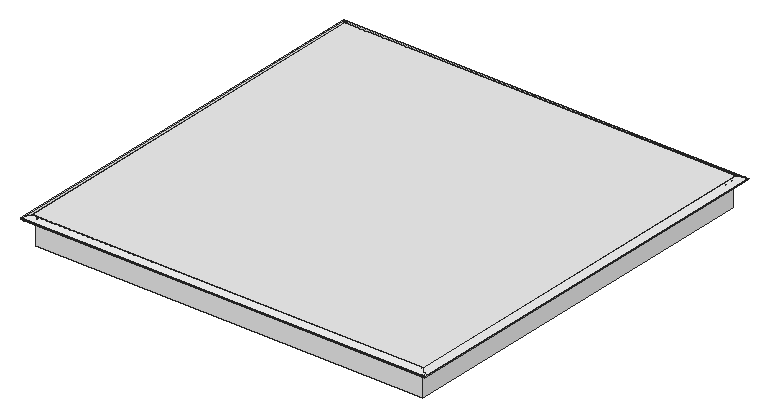
Revit family "Access_Door-Hidden_Flange-Best Access Doors-Removable-BA-RHF", category Specialty Equipment, host Face, Revit 2017
Family settings
  Host = Face
  Round Connector Dimension = Use Diameter
  Part Type = Normal
  OmniClass Number = 23.30.10.27.17
  Cut with Voids When Loaded = No
  Shared = No
  Room Calculation Point = No
Parameters (values of type "Custom")
  Width Actual = Frame Width Calc  # 24"
  URL = "https://www.bestaccessdoors.com/"
  Product data url = "https://bimobject.com/best-access-doors/product/removable-access-panel-with-hidden-flange-drywall"
  Product Page URL = ""
  Product Documentation Link = ""
  Model = "BA-RHF"  # constant formula
  Material = ""
  Manufacturer = "Best Access Doors"  # constant formula
  Height Actual = Frame Height Calc  # 24"
  Frame Depth = 1 59/128"  # constant formula
  Finish = Metal - Best Access Doors - Powder Coated White
  Frame Width Calc = if(Door Width < 6", 6", if(Door Width > 48", 48", Door Width))  # 24"
  Door Width = 24"
  Frame Height Calc = if(Door Height < 6", 6", if(Door Height > 48", 48", Door Height))  # 24"
  Door Open [instance] = no
  Door Height = 24"
  Door Closed [instance] = not(Door Open)  # yes
  Description = "Removable aesthetic access door with hidden flange"  # constant formula
  Default Elevation = 0"
  Cut Out Length [instance] = 3"
  Construction Material = Metal - Best Access Doors - Aluminum
  C Cut Out Length [instance] = if(Cut Out Length < Frame Depth, Frame Depth, Cut Out Length)  # 3"
  Available Options = ""
  Assembly Code = "C1020700"
Types (5): name | Width Actual | Height Actual | Frame Width Calc | Door Width | Frame Height Calc | Door Height
  Custom | 24" | 24" | 24" | 24" | 24" | 24"
  8 x 8 | 8" | 8" | 8" | 8" | 8" | 8"
  12 x 12 | 12" | 12" | 12" | 12" | 12" | 12"
  16 x 16 | 16" | 16" | 16" | 16" | 16" | 16"
  24 x 24 | 24" | 24" | 24" | 24" | 24" | 24"
Reference planes (in)
  plane 1 "Center (Front/Back)": y = 0
  plane 2: z = 0
  plane 3 "Center (Left/Right)": x = 6
  plane 4: x = -6
  plane 5: x = 18
  plane 6: y = 12
  plane 7: y = -12
  plane 8: z = -3
  plane 9: z = -1.46094
  plane 10: x = -5.5625
  plane 11: x = 17.5625
  plane 12: y = 11.5625
  plane 13: y = -11.5625
Forms (in)
  Extrusion 1, void
    sketch origin (0, 0, 0) x (1, 0, 0) y (0, 1, 0)
      loop
        line (-5.5625, 11.5625) -> (-5.5625, -11.5625) -> (17.5625, -11.5625) -> (17.5625, 11.5625) -> (-5.5625, 11.5625)
    from -3 to 0
Lines and regions (in)
  symbolic lines, detail levels coarse+medium
    curve 1: line (-5.5625, 11.5625, 0) -> (17.5625, 11.5625, 0)
    curve 2: line (-5.5625, -11.5625, 0) -> (-5.5625, 11.5625, 0)
    curve 3: line (17.5625, -11.5625, 0) -> (-5.5625, -11.5625, 0)
    curve 4: line (17.5625, 11.5625, 0) -> (17.5625, -11.5625, 0)
Dimensions and locks (in)
  equal spacing: plane 4, plane 3 "Center (Left/Right)", plane 5
  "Frame Width Calc": plane 4 to plane 5
  equal spacing: plane 6, plane 1 "Center (Front/Back)", plane 7
  "Frame Height Calc": plane 6 to plane 7
  "C Cut Out Length": plane 2 to plane 8
  "Frame Depth": level to plane 9
  locked: plane 4 to plane 10 at 0.4375
  locked: plane 11 to plane 5 at 0.4375
  locked: plane 6 to plane 12 at 0.4375
  locked: plane 7 to plane 13 at 0.4375
  aligned and locked: plane 2 to host face
  aligned and locked: level to host face
  aligned and locked: plane 1 "Center (Front/Back)" to nested 1
  aligned and locked: plane 3 "Center (Left/Right)" to nested 1
  aligned and locked: Extrusion 1 sketch curve to plane 11
  aligned and locked: plane 12 to Extrusion 1 sketch curve
  aligned and locked: Extrusion 1 sketch curve to plane 10
  aligned and locked: Extrusion 1 sketch curve to plane 13
  aligned and locked: plane 8 to Extrusion 1
  aligned and locked: plane 2 to Extrusion 1
  aligned and locked: plane 10 to Extrusion 1
  aligned and locked: plane 11 to Extrusion 1
  aligned and locked: Extrusion 1 to plane 12
  aligned and locked: plane 13 to Extrusion 1
  aligned and locked: curve 2 to plane 10
  aligned and locked: curve 3 to plane 13
  aligned and locked: curve 4 to plane 11
  aligned and locked: plane 12 to curve 1
  aligned and locked: plane 4 to nested 3
  aligned and locked: nested 3 to plane 2
  aligned and locked: nested 2 to plane 2
  aligned and locked: nested 2 to plane 3 "Center (Left/Right)"
  aligned and locked: plane 1 "Center (Front/Back)" to nested 3
  aligned and locked: plane 1 "Center (Front/Back)" to nested 2
Automatic sketch dimensions
  host sketch curve to host sketch curve = 76.59952"
  host sketch curve to host sketch curve = 76.44338"
Nested families (in)
  nested 1: "1-Frame_Base" at (6, 0, 0), type "1-Frame_Base"
  nested 2: "1-Door_Base" at (0.90603, 0, 0), visible <- "Door Closed", type "1-Door_Base"
  nested 3: "1-Door_Base" at (-6, 0, 6.90603) x (0, 0, 1) z (-1, 0, 0), visible <- "Door Open", type "1-Door_Base"
Definition of nested family "1-Frame_Base"
  Parameters
    Lock Configuration Offset Vertical = if(Door Height < 30", 5 1/8", if(Door Height < 36", 6 1/2", if(Door Height < 48", 8 9/16", 12 7/8")))  # 5 1/8"
    Lock Configuration Offset Horizontal = if(Door Width < 30", 5 1/8", if(Door Width < 36", 6 1/2", if(Door Width < 48", 8 9/16", 12 7/8")))  # 5 1/8"
    Lock 4 = if(Door Height > 24", 1 = 1, 1 = 0)  # no
    Lock 3 = if(Door Width > 24", 1 = 1, 1 = 0)  # no
    Lock 2 = if(and(Door Width > 16", or(not(Door Width > 24"), not(Door Width < 36"))), 1 = 1, 1 = 0)  # yes
    Lock 1 = if(or(not(Door Height > 24"), not(Door Height < 36")), 1 = 1, 1 = 0)  # yes
    Frame Width = 24"
    Frame Height = 24"
    Finish = none
    Door Width = Frame Width - 7/8"  # 23 1/8"
    Door Height = Frame Height - 7/8"  # 23 1/8"
    Assembly Code = ""
  Reference planes (in)
    plane 1 "Center (Front/Back)": y = 0
    plane 2: z = 0
    plane 3 "Center (Left/Right)": x = 0
    plane 4: x = -12
    plane 5: x = 12
    plane 6: y = 12
    plane 7: y = -12
    plane 8: y = -9.42199
    plane 9: y = -11.42199
    plane 10: y = 9.42199
    plane 11: y = 11.42199
    plane 12: z = 0.06201
    plane 13: z = -1.45999
    plane 14: y = 11.5625
    plane 15: y = -11.5625
    plane 16: y = 6.4375
    plane 17: y = -6.4375
    plane 18: x = 11.5625
    plane 19: x = 6.4375
    plane 20: x = -11.5625
    plane 21: x = -6.4375
    plane 22: y = 0.7207
    plane 23: y = -0.7207
    plane 24: y = 7.1582
    plane 25: y = 5.7168
    plane 26: y = -5.7168
    plane 27: y = -7.1582
  Forms (in)
    Extrusion 1, solid, material <- "Finish", detail levels fine
      sketch origin (0, 0, 0) x (1, 0, 0) y (0, 1, 0)
        loop
          arc (-11.75, 12) -> (-11.92678, 11.92678) -> (-12, 11.75) r 0.25
          line (-12, 11.75) -> (-12, -11.75001)
          arc (-12, -11.75001) -> (-11.92678, -11.92678) -> (-11.75001, -12) r 0.24999
          line (-11.75001, -12) -> (11.75001, -12)
          arc (11.75001, -12) -> (11.92678, -11.92678) -> (12, -11.75001) r 0.24999
          line (12, -11.75001) -> (12, 11.75002)
          arc (12, 11.75002) -> (11.92678, 11.92678) -> (11.75002, 12) r 0.24998
          line (11.75002, 12) -> (-11.75, 12)
        loop
          line (-11.51644, -11.516) -> (11.51644, -11.516) -> (11.51644, 11.516) -> (-11.51644, 11.516) -> (-11.51644, -11.516)
      from 0 to 0.06201
    Sweep 2, solid, material <- "Finish", visible <- "Lock 1", detail levels fine
      path origin (0, 0, 0) x (1, 0, 0) y (0, 1, 0)
        loop
          line (-11.51644, -11.516) -> (11.51644, -11.516) -> (11.51644, 11.516) -> (-11.51644, 11.516) -> (-11.51644, -11.516)
      profile origin (-11.51644, 0, 0) x (-1, 0, 0) y (0, 0, 1)
        loop
          line (0, 0) -> (0, 0.06245)
          arc (0, 0.06245) -> (-0.06678, 0.03478) -> (-0.09445, -0.032) r 0.09445
          line (-0.09445, -0.032) -> (-0.09445, -1.45999) -> (-0.032, -1.45999) -> (-0.032, -0.032)
          arc (-0.032, -0.032) -> (-0.02263, -0.00937) -> (0, 0) r 0.032
    Extrusion 3, solid, material <- "Finish", visible <- "Lock 1", detail levels fine
      sketch origin (0, 0, 0) x (1, 0, 0) y (0, 0, 1)
        loop
          line (-11.42243, -0.16299) -> (-11.42243, -0.25101)
          arc (-11.42243, -0.25101) -> (-11.40652, -0.25566) -> (-11.38999, -0.257) r 0.08179
          line (-11.38999, -0.257) -> (-11.12216, -0.257) -> (-11.12216, -0.19499) -> (-11.38999, -0.19499)
          arc (-11.38999, -0.19499) -> (-11.41278, -0.18565) -> (-11.42243, -0.16299) r 0.03244
      from -0.7207 to 0.7207
    Extrusion 4, solid, material <- "Finish", visible <- "Lock 1", detail levels fine
      sketch origin (0, 0, 0) x (-1, 0, 0) y (0, 0, -1)
        loop
          arc (-11.42243, 0.16299) -> (-11.41278, 0.18565) -> (-11.38999, 0.19499) r 0.03244
          line (-11.38999, 0.19499) -> (-11.12216, 0.19499) -> (-11.12216, 0.257) -> (-11.38999, 0.257)
          arc (-11.38999, 0.257) -> (-11.40652, 0.25566) -> (-11.42243, 0.25101) r 0.08179
          line (-11.42243, 0.25101) -> (-11.42243, 0.16299)
      from -0.7207 to 0.7207
    Extrusion 5, solid, material <- "Finish", detail levels coarse+medium
      sketch origin (0, 0, 0) x (1, 0, 0) y (0, 1, 0)
        loop
          line (-12, 12) -> (-12, -12) -> (12, -12) -> (12, 12) -> (-12, 12)
      from -1.45999 to 0.06201
  Cuts and joins
    joined: Sweep 2, Extrusion 3, Extrusion 4
  Lines and regions (in)
    Masking region 1, detail levels coarse
      outline origin (0, 0, 0) x (1, 0, 0) y (0, 1, 0)
        loop
          line (-12, 12) -> (-12, -12) -> (12, -12) -> (12, 12) -> (-12, 12)
    Masking region 2, detail levels medium+fine
      outline origin (0, 0, 0) x (1, 0, 0) y (0, 1, 0)
        loop
          line (11.75002, 12) -> (-11.75, 12)
          arc (-11.75, 12) -> (-11.92678, 11.92678) -> (-12, 11.75) r 0.25
          line (-12, 11.75) -> (-12, -11.75001)
          arc (-12, -11.75001) -> (-11.92678, -11.92678) -> (-11.75001, -12) r 0.24999
          line (-11.75001, -12) -> (11.75001, -12)
          arc (11.75001, -12) -> (11.92678, -11.92678) -> (12, -11.75001) r 0.24999
          line (12, -11.75001) -> (12, 11.75002)
          arc (12, 11.75002) -> (11.92678, 11.92678) -> (11.75002, 12) r 0.24998
    Masking region 3, detail levels coarse+medium
      outline origin (0, 0, 0) x (1, 0, 0) y (0, 0, 1)
        loop
          line (-12, 0.06201) -> (-12, -1.45999) -> (12, -1.45999) -> (12, 0.06201) -> (-12, 0.06201)
    Masking region 4, detail levels fine
      outline origin (0, 0, 0) x (1, 0, 0) y (0, 0, 1)
        loop
          line (-11.48444, -0.032) -> (-11.48444, -1.45999) -> (11.48444, -1.45999) -> (11.48444, -0.032)
          arc (11.48444, -0.032) -> (11.49381, -0.00937) -> (11.51644, 0) r 0.032
          line (11.51644, 0) -> (12, 0) -> (12, 0.06201) -> (-12, 0.06201) -> (-12, 0) -> (-11.51644, 0)
          arc (-11.51644, 0) -> (-11.49381, -0.00937) -> (-11.48444, -0.032) r 0.032
    Masking region 5, detail levels coarse
      outline origin (0, 0, 0) x (0, 1, 0) y (0, 0, 1)
        loop
          line (12, 0.06201) -> (-12, 0.06201) -> (-12, -1.45999) -> (12, -1.45999) -> (12, 0.06201)
    Masking region 6
      outline origin (0, 0, 0) x (0, 1, 0) y (0, 0, 1)
        loop
          line (12, 0.06201) -> (-12, 0.06201) -> (-12, -1.45999) -> (12, -1.45999) -> (12, 0.06201)
    Masking region 7, detail levels medium+fine
      outline origin (0, 0, 0) x (0, 1, 0) y (0, 0, 1)
        loop
          line (-12, 0) -> (-11.516, 0)
          arc (-11.516, 0) -> (-11.49337, -0.00937) -> (-11.484, -0.032) r 0.032
          line (-11.484, -0.032) -> (-11.484, -1.45999) -> (11.484, -1.45999) -> (11.484, -0.032)
          arc (11.484, -0.032) -> (11.49337, -0.00937) -> (11.516, 0) r 0.032
          line (11.516, 0) -> (12, 0) -> (12, 0.06201) -> (-12, 0.06201) -> (-12, 0)
    symbolic lines, detail levels fine
      curve 1: line (-12, 0, 0) -> (12, 0, 0)
      curve 2: line (0, -12, 0) -> (0, 12, 0)
  Dimensions and locks (in)
    equal spacing: plane 4, plane 3 "Center (Left/Right)", plane 5
    equal spacing: plane 6, plane 1 "Center (Front/Back)", plane 7
    "Frame Height": plane 6 to plane 7
    "Frame Width": plane 4 to plane 5
    plane 7 to plane 9 to plane 8 = 0.57801" locked, 2" locked
    plane 10 to plane 11 to plane 6 = 2" locked, 0.57801" locked
    locked: plane 6 to plane 14 at 0.4375
    locked: plane 7 to plane 15 at 0.4375
    "Lock Configuration Offset Vertical": plane 14 to plane 16
    "Lock Configuration Offset Vertical": plane 15 to plane 17
    locked: plane 4 to plane 20 at 0.4375
    "Lock Configuration Offset Horizontal": plane 20 to plane 21
    locked: plane 18 to plane 5 at 0.4375
    "Lock Configuration Offset Horizontal": plane 19 to plane 18
    equal spacing: plane 22, plane 1 "Center (Front/Back)", plane 23
    locked: plane 22 to plane 23 at 1.44141
    equal spacing: plane 24, plane 16, plane 25
    locked: plane 24 to plane 25 at 1.44141
    equal spacing: plane 26, plane 17, plane 27
    locked: plane 26 to plane 27 at 1.44141
    aligned and locked: level to plane 2
    aligned: Sweep 2 sketch curve to Extrusion 1  (x4)
    aligned and locked: Masking region 1 sketch curve to plane 6
    aligned and locked: plane 5 to Masking region 1 sketch curve
    aligned and locked: plane 7 to Masking region 1 sketch curve
    aligned and locked: plane 4 to Masking region 1 sketch curve
    aligned and locked: Masking region 2 sketch curve to Extrusion 1  (x4)
    aligned and locked: Extrusion 5 sketch curve to plane 6
    aligned and locked: plane 4 to Extrusion 5 sketch curve
    aligned and locked: plane 7 to Extrusion 5 sketch curve
    aligned and locked: plane 5 to Extrusion 5 sketch curve
    aligned and locked: plane 12 to Masking region 3 sketch curve
    aligned and locked: plane 5 to Masking region 3 sketch curve
    aligned and locked: Masking region 3 sketch curve to plane 13
    aligned and locked: plane 4 to Masking region 3 sketch curve
    aligned and locked: Masking region 4 sketch curve to cut or joined group of Sweep 2, Extrusion 3, Extrusion 4  (x4)
    aligned and locked: Masking region 4 sketch curve to Extrusion 1  (x2)
    aligned and locked: Masking region 4 sketch curve to plane 4
    aligned and locked: Masking region 4 sketch curve to plane 5
    aligned and locked: curve 1 to Extrusion 1
    aligned and locked: plane 12 to Masking region 5 sketch curve
    aligned and locked: plane 7 to Masking region 5 sketch curve
    aligned and locked: Masking region 5 sketch curve to plane 13
    aligned and locked: Masking region 5 sketch curve to plane 6
    aligned and locked: plane 12 to Masking region 6 sketch curve
    aligned and locked: plane 7 to Masking region 6 sketch curve
    aligned and locked: Masking region 6 sketch curve to plane 13
    aligned and locked: Masking region 6 sketch curve to plane 6
    aligned and locked: plane 6 to Masking region 7 sketch curve
    aligned and locked: Masking region 7 sketch curve to Extrusion 1
    aligned and locked: plane 7 to Masking region 7 sketch curve
    aligned and locked: Masking region 7 sketch curve to cut or joined group of Sweep 2, Extrusion 3, Extrusion 4  (x4)
    aligned and locked: curve 2 to Extrusion 1
    aligned and locked: plane 23 to cut or joined group of Sweep 2, Extrusion 3, Extrusion 4  (x2)
    aligned and locked: plane 22 to cut or joined group of Sweep 2, Extrusion 3, Extrusion 4  (x2)
  Automatic sketch dimensions
    curve 2 to plane 7 = 0"
    curve 2 to plane 6 = 0"
    curve 1 to plane 4 = 0"
    plane 5 to curve 1 = 0"
    Extrusion 1 sketch curve to plane 4 = 0"
    Extrusion 1 sketch curve to plane 7 = 0"
    Extrusion 1 sketch curve to plane 6 = 0"
    Extrusion 1 sketch curve to plane 5 = 0"
    plane 15 to Extrusion 1 sketch curve = 3/16"
    Extrusion 1 sketch curve to plane 20 = 3/16"  (x2)
    plane 20 to Extrusion 1 sketch curve = 0.04606"
    plane 18 to Extrusion 1 sketch curve = 0.04606"
    Extrusion 1 sketch curve to plane 18 = 3/16"
    Extrusion 1 sketch curve to plane 15 = 0.0465"
    Extrusion 1 sketch curve to plane 14 = 0.0465"
    plane 20 to Sweep 2 sketch curve = 0.04606"
    Sweep 2 sketch curve to plane 15 = 0.0465"
    plane 18 to Sweep 2 sketch curve = 0.04606"
    Sweep 2 sketch curve to plane 14 = 0.0465"
    Sweep 2 sketch curve to profile plane = 0"
    Sweep 2 sketch curve to level = 0"
    Sweep 2 sketch curve to Sweep 2 sketch curve = 0.032"
    Sweep 2 sketch curve to Sweep 2 sketch curve = 0.06245"
    Sweep 2 sketch curve to level = 0.032"
    Sweep 2 sketch curve to Sweep 2 sketch curve = 1.42799"
    plane 20 to Extrusion 3 sketch curve = 0.14007"
    Extrusion 3 sketch curve to level = 0.257"
    Extrusion 3 sketch curve to Extrusion 3 sketch curve = 0.03244"  (x2)
    Extrusion 3 sketch curve to Extrusion 3 sketch curve = 0.26783"
    Extrusion 3 sketch curve to Extrusion 3 sketch curve = 0.00168"
    Extrusion 3 sketch curve to Extrusion 3 sketch curve = 0.00599"
    Extrusion 3 sketch curve to Extrusion 3 sketch curve = 0.06201"
    Extrusion 3 sketch curve to Extrusion 3 sketch curve = 0.01223"
    Extrusion 4 sketch curve to plane 18 = 0.14007"
    level to Extrusion 4 sketch curve = 0.257"
    Extrusion 4 sketch curve to Extrusion 4 sketch curve = 0.03244"  (x2)
    Extrusion 4 sketch curve to Extrusion 4 sketch curve = 0.26783"
    Extrusion 4 sketch curve to Extrusion 4 sketch curve = 0.00168"
    Extrusion 4 sketch curve to Extrusion 4 sketch curve = 0.00599"
    Extrusion 4 sketch curve to Extrusion 4 sketch curve = 0.06201"
    Extrusion 4 sketch curve to Extrusion 4 sketch curve = 0.01223"
Definition of nested family "1-Door_Base"
  Parameters (values of type "1-Door_Base")
    Lock Configuration Offset Vertical = if(Door Height < 30", 5 1/8", if(Door Height < 36", 6 1/2", if(Door Height < 48", 8 9/16", 12 7/8")))  # 5 1/8"
    Lock Configuration Offset Horizontal = if(Door Width < 30", 5 1/8", if(Door Width < 36", 6 1/2", if(Door Width < 48", 8 9/16", 12 7/8")))  # 5 1/8"
    Lock 4 = if(Door Height > 24", 1 = 1, 1 = 0)  # no
    Lock 3 = if(Door Width > 24", 1 = 1, 1 = 0)  # no
    Lock 2 = if(and(Door Width > 16", or(not(Door Width > 24"), not(Door Width < 36"))), 1 = 1, 1 = 0)  # yes
    Lock 1 = if(or(not(Door Height > 24"), not(Door Height < 36")), 1 = 1, 1 = 0)  # yes
    Finish = none
    Door Width = 24"
    Door Height = 24"
    Door Depth [instance] = 1.03057"
    Default Elevation = 48"
    Assembly Code = ""
  Reference planes (in)
    plane 1 "Center (Front/Back)": y = 0
    plane 2 "Back": z = 0
    plane 3 "Center (Left/Right)": x = 5.09397
    plane 4: x = -6.90603
    plane 5: x = 17.09397
    plane 6: y = 12
    plane 7: y = -12
    plane 8: x = 15.06297
    plane 9: y = -9.969
    plane 10: y = 9.969
    plane 11: x = -4.87503
    plane 12: y = 6.875
    plane 13: y = -6.875
    plane 14: x = -1.78103
    plane 15: x = 11.96897
  Forms (in)
    Sweep 1, solid, material <- "Finish", detail levels fine
      path origin (0, 0, 0) x (1, 0, 0) y (0, 1, 0)
        loop
          line (-6.90603, -12) -> (17.09397, -12) -> (17.09397, 12) -> (-6.90603, 12) -> (-6.90603, -12)
      profile origin (-6.90603, 0, 0) x (-1, 0, 0) y (0, 0, 1)
        loop
          line (-0.02373, 0) -> (0, 0.05729) -> (-0.37516, 0.21269)
          arc (-0.37516, 0.21269) -> (-0.39007, 0.21702) -> (-0.40557, 0.21801) r 0.07097
          line (-0.40557, 0.21801) -> (-0.40557, 0.15816) -> (-0.02373, 0)
    Extrusion 2, solid, material <- "Finish", detail levels fine
      sketch origin (0, 0, 0) x (1, 0, 0) y (0, 1, 0)
        loop
          line (-6.50046, 11.59443) -> (-6.50046, -11.59443) -> (16.6884, -11.59443) -> (16.6884, 11.59443) -> (-6.50046, 11.59443)
      from 0.15816 to 0.21801
    Extrusion 3, solid, material <- "Finish", detail levels fine
      sketch origin (5.09397, 0, 0) x (1, 0, 0) y (0, 0, 1)
        loop
          line (-11.35999, -0.43738) -> (-11.35999, -0.00739) -> (-10.92199, -0.00739) -> (-10.92199, 0.06201) -> (-11.42199, 0.06201) -> (-11.42199, -0.43738) -> (-11.35999, -0.43738)
      from 9.42199 to 11.42199
    Extrusion 4, solid, material <- "Finish", detail levels fine
      sketch origin (5.09397, 0, 0) x (1, 0, 0) y (0, 0, 1)
        loop
          line (-11.35999, -0.43738) -> (-11.35999, -0.00739) -> (-10.92199, -0.00739) -> (-10.92199, 0.06201) -> (-11.42199, 0.06201) -> (-11.42199, -0.43738) -> (-11.35999, -0.43738)
      from -11.42199 to -9.42199
    Extrusion 5, solid, material <- "Finish", detail levels fine
      sketch origin (5.09397, 0, 0) x (-1, 0, 0) y (0, 0, -1)
        loop
          line (-11.35999, 0.43738) -> (-11.42199, 0.43738) -> (-11.42199, -0.06201) -> (-10.92199, -0.06201) -> (-10.92199, 0.00739) -> (-11.35999, 0.00739) -> (-11.35999, 0.43738)
      from 9.42199 to 11.42199
    Extrusion 6, solid, material <- "Finish", detail levels fine
      sketch origin (5.09397, 0, 0) x (-1, 0, 0) y (0, 0, -1)
        loop
          line (-11.35999, 0.43738) -> (-11.42199, 0.43738) -> (-11.42199, -0.06201) -> (-10.92199, -0.06201) -> (-10.92199, 0.00739) -> (-11.35999, 0.00739) -> (-11.35999, 0.43738)
      from -11.42199 to -9.42199
  Cuts and joins
    joined: Sweep 1, Extrusion 2
  Lines and regions (in)
    Masking region 1
      outline origin (0, 0, 0) x (1, 0, 0) y (0, 1, 0)
        loop
          line (-6.90603, 12) -> (-6.90603, -12) -> (17.09397, -12) -> (17.09397, 12) -> (-6.90603, 12)
    Masking region 2, detail levels coarse+medium
      outline origin (0, 0, 0) x (1, 0, 0) y (0, 0, 1)
        loop
          line (-6.90603, 0.21801) -> (-6.90603, 0) -> (17.09397, 0) -> (17.09397, 0.21801) -> (-6.90603, 0.21801)
    Masking region 3, detail levels fine
      outline origin (0, 0, 0) x (1, 0, 0) y (0, 0, 1)
        loop
          line (16.70594, 0.21801) -> (-6.518, 0.21801) -> (-6.90603, 0.05729) -> (-6.8823, 0) -> (17.07024, 0) -> (17.09397, 0.05729) -> (16.70594, 0.21801)
    Masking region 4, detail levels coarse
      outline origin (5.09397, 0, 0) x (0, 1, 0) y (0, 0, 1)
        loop
          line (-12, 0) -> (12, 0) -> (12, 0.21801) -> (-12, 0.21801) -> (-12, 0)
    Masking region 5, detail levels medium+fine
      outline origin (5.09397, 0, 0) x (0, 1, 0) y (0, 0, 1)
        loop
          line (-11.62484, 0.21269) -> (-12, 0.05729) -> (-11.97627, 0) -> (11.97627, 0) -> (12, 0.05729) -> (11.62484, 0.21269)
          arc (11.62484, 0.21269) -> (11.60993, 0.21702) -> (11.59443, 0.21801) r 0.07097
          line (11.59443, 0.21801) -> (-11.59443, 0.21801)
          arc (-11.59443, 0.21801) -> (-11.60993, 0.21702) -> (-11.62484, 0.21269) r 0.07097
    symbolic lines, detail levels fine
      curve 1: line (-6.50046, 11.59443, 0) -> (16.6884, 11.59443, 0)
      curve 2: line (-6.50046, -11.59443, 0) -> (-6.50046, 11.59443, 0)
      curve 3: line (16.6884, -11.59443, 0) -> (-6.50046, -11.59443, 0)
      curve 4: line (16.6884, 11.59443, 0) -> (16.6884, -11.59443, 0)
      curve 5: line (17.09397, -12, 0) -> (16.6884, -11.59443, 0)
      curve 6: line (-6.90603, -12, 0) -> (-6.50046, -11.59443, 0)
      curve 7: line (-6.90603, 12, 0) -> (-6.50046, 11.59443, 0)
      curve 8: line (17.09397, 12, 0) -> (16.6884, 11.59443, 0)
      curve 9: line (-6.90603, 0, 0.05729) -> (17.09397, 0, 0.05729)
      curve 10: line (5.09397, -12, 0.05729) -> (5.09397, 12, 0.05729)
  Dimensions and locks (in)
    equal spacing: plane 4, plane 3 "Center (Left/Right)", plane 5
    equal spacing: plane 6, plane 1 "Center (Front/Back)", plane 7
    "Door Width": plane 4 to plane 5
    "Door Height": plane 6 to plane 7
    locked: plane 6 to plane 10 at 2.031
    locked: plane 9 to plane 7 at 2.031
    locked: plane 8 to plane 5 at 2.031
    locked: plane 4 to plane 11 at 2.031
    "Lock Configuration Offset Vertical": plane 6 to plane 12
    "Lock Configuration Offset Vertical": plane 7 to plane 13
    "Lock Configuration Offset Horizontal": plane 4 to plane 14
    "Lock Configuration Offset Horizontal": plane 15 to plane 5
    Extrusion 3 sketch curve to Extrusion 3 sketch curve to Extrusion 3 sketch curve to plane 4 = 0.43799" locked, 0.06201" locked, 0.57801" locked
    Extrusion 3 sketch curve to Extrusion 3 sketch curve to level to Extrusion 3 sketch curve = 0.42999" locked, 0.00739" locked, 0.06201" locked
    Extrusion 6 sketch curve to Extrusion 6 sketch curve to Extrusion 6 sketch curve to plane 5 = 0.43799" locked, 0.06201" locked, 0.57801" locked
    Extrusion 6 sketch curve to Extrusion 6 sketch curve to plane 2 "Back" to Extrusion 6 sketch curve = 0.42999" locked, 0.00739" locked, 0.06201" locked
    Extrusion 5 sketch curve to Extrusion 5 sketch curve to Extrusion 5 sketch curve to plane 5 = 0.43799" locked, 0.06201" locked, 0.57801" locked
    Extrusion 5 sketch curve to Extrusion 5 sketch curve to level to Extrusion 5 sketch curve = 0.42999" locked, 0.00739" locked, 0.06201" locked
    Extrusion 4 sketch curve to Extrusion 4 sketch curve to Extrusion 4 sketch curve to plane 4 = 0.43799" locked, 0.06201" locked, 0.57801" locked
    Extrusion 4 sketch curve to Extrusion 4 sketch curve to level to Extrusion 4 sketch curve = 0.42999" locked, 0.00739" locked, 0.06201" locked
    plane 6 to Extrusion 4 to Extrusion 4 = 0.57801" locked, 2" locked
    plane 6 to Extrusion 6 to Extrusion 6 = 0.57801" locked, 2" locked
    Extrusion 5 to Extrusion 5 to plane 7 = 2" locked, 0.57801" locked
    Extrusion 3 to Extrusion 3 to plane 7 = 2" locked, 0.57801" locked
    aligned and locked: level to plane 2 "Back"
    aligned and locked: Sweep 1 sketch curve to plane 6
    aligned and locked: plane 5 to Sweep 1 sketch curve
    aligned and locked: plane 7 to Sweep 1 sketch curve
    aligned and locked: plane 4 to Sweep 1 sketch curve
    aligned and locked: Extrusion 2 sketch curve to Sweep 1  (x4)
    aligned and locked: Extrusion 2 to Sweep 1  (x2)
    aligned and locked: plane 3 "Center (Left/Right)" to nested 6
    aligned and locked: nested 6 to plane 9
    aligned and locked: plane 3 "Center (Left/Right)" to nested 3
    aligned and locked: nested 3 to plane 10
    aligned and locked: Masking region 1 sketch curve to plane 6
    aligned and locked: plane 5 to Masking region 1 sketch curve
    aligned and locked: plane 7 to Masking region 1 sketch curve
    aligned and locked: plane 4 to Masking region 1 sketch curve
    aligned and locked: curve 1 to cut or joined group of Sweep 1, Extrusion 2
    aligned and locked: curve 2 to cut or joined group of Sweep 1, Extrusion 2
    aligned and locked: curve 3 to cut or joined group of Sweep 1, Extrusion 2
    aligned and locked: curve 4 to cut or joined group of Sweep 1, Extrusion 2
    aligned and locked: curve 5 to cut or joined group of Sweep 1, Extrusion 2
    aligned and locked: curve 6 to cut or joined group of Sweep 1, Extrusion 2
    aligned and locked: curve 7 to cut or joined group of Sweep 1, Extrusion 2
    aligned and locked: curve 8 to cut or joined group of Sweep 1, Extrusion 2
    aligned and locked: level to Masking region 2 sketch curve
    aligned and locked: plane 4 to Masking region 2 sketch curve
    aligned and locked: plane 5 to Masking region 2 sketch curve
    aligned and locked: Masking region 3 sketch curve to cut or joined group of Sweep 1, Extrusion 2  (x5)
    aligned and locked: Masking region 3 sketch curve to level
    aligned and locked: plane 5 to curve 9
    aligned and locked: plane 4 to curve 9
    aligned and locked: curve 9 to cut or joined group of Sweep 1, Extrusion 2
    aligned and locked: nested 11 to plane 10
    aligned and locked: nested 2 to plane 10
    aligned and locked: nested 11 to plane 14
    aligned and locked: plane 15 to nested 2
    aligned and locked: nested 8 to plane 11
    aligned and locked: nested 8 to plane 12
    aligned and locked: plane 1 "Center (Front/Back)" to nested 4
    aligned and locked: nested 4 to plane 11
    aligned and locked: nested 10 to plane 11
    aligned and locked: plane 13 to nested 10
    aligned and locked: nested 12 to plane 9
    aligned and locked: nested 12 to plane 14
    aligned and locked: plane 15 to nested 5
    aligned and locked: nested 5 to plane 9
    aligned and locked: plane 13 to nested 9
    aligned and locked: plane 8 to nested 9
    aligned and locked: plane 1 "Center (Front/Back)" to nested 1
    aligned and locked: plane 8 to nested 1
    aligned and locked: nested 7 to plane 12
    aligned and locked: plane 8 to nested 7
    aligned and locked: Masking region 4 sketch curve to level
    aligned and locked: Masking region 4 sketch curve to plane 7
    aligned and locked: Masking region 4 sketch curve to plane 6
    aligned and locked: Masking region 4 sketch curve to cut or joined group of Sweep 1, Extrusion 2
    aligned and locked: Masking region 5 sketch curve to cut or joined group of Sweep 1, Extrusion 2  (x7)
    aligned and locked: curve 10 to cut or joined group of Sweep 1, Extrusion 2
  Automatic sketch dimensions
    Sweep 1 sketch curve to level = 0"
    Sweep 1 sketch curve to profile plane = 0"
    profile plane to Sweep 1 sketch curve = 0.02373"
    profile plane to Sweep 1 sketch curve = 0.37516"
    level to Sweep 1 sketch curve = 0.15816"
    Sweep 1 sketch curve to Sweep 1 sketch curve = 0.03041"
    Sweep 1 sketch curve to Sweep 1 sketch curve = 0.00325"
    level to Sweep 1 sketch curve = 0.05729"
    Sweep 1 sketch curve to Sweep 1 sketch curve = 0.01105"
    Sweep 1 sketch curve to Sweep 1 sketch curve = 0.05452"
    level to Masking region 2 sketch curve = 0.21801"
    curve 6 to plane 4 = 0"
    curve 7 to plane 4 = 0"
    curve 5 to plane 5 = 0"
    curve 8 to plane 5 = 0"
    level to Masking region 5 sketch curve = 0.21269"  (x2)
    Masking region 5 sketch curve to plane 7 = 0"
    curve 10 to plane 7 = 0"
    curve 10 to plane 6 = 0"
  Nested families (in)
    nested 1: "3d-Lock" at (15.06297, 0, 0.21801), visible <- "Lock 1", type "3d-Lock"
    nested 2: "3d-Lock" at (11.96897, 9.969, 0.21801), visible <- "Lock 3", type "3d-Lock"
    nested 3: "3d-Lock" at (5.09397, 9.969, 0.21801), visible <- "Lock 2", type "3d-Lock"
    nested 4: "3d-Lock" at (-4.87503, 0, 0.21801), visible <- "Lock 1", type "3d-Lock"
    nested 5: "3d-Lock" at (11.96897, -9.969, 0.21801), visible <- "Lock 3", type "3d-Lock"
    nested 6: "3d-Lock" at (5.09397, -9.969, 0.21801), visible <- "Lock 2", type "3d-Lock"
    nested 7: "3d-Lock" at (15.06297, 6.875, 0.21801), visible <- "Lock 4", type "3d-Lock"
    nested 8: "3d-Lock" at (-4.87503, 6.875, 0.21801), visible <- "Lock 4", type "3d-Lock"
    nested 9: "3d-Lock" at (15.06297, -6.875, 0.21801), visible <- "Lock 4", type "3d-Lock"
    nested 10: "3d-Lock" at (-4.87503, -6.875, 0.21801), visible <- "Lock 4", type "3d-Lock"
    nested 11: "3d-Lock" at (-1.78103, 9.969, 0.21801), visible <- "Lock 3", type "3d-Lock"
    nested 12: "3d-Lock" at (-1.78103, -9.969, 0.21801), visible <- "Lock 3", type "3d-Lock"
  Definition of nested family "3d-Lock"
    Parameters
      Default Elevation = 48"
      Assembly Code = ""
    Reference planes (in)
      plane 1 "Center (Front/Back)": y = 0
      plane 2 "Bottom": z = 0
      plane 3 "Center (Left/Right)": x = 0
      plane 4 "Top": z = 1
    Lines and regions (in)
      Masking region 1, detail levels fine
        outline origin (0, 0, 1) x (-1, 0, 0) y (0, -1, 0)
          loop
            circle (0, 0) r 0.242
      model lines, detail levels fine
        curve 1: circle (0, 0, 0) r 0.242 normal (0, 0, -1)
        curve 2: circle (0, 0, 0) r 0.18005 normal (0, 0, -1)
        curve 3: line (0.02717, -0.1188, 0) -> (-0.10122, 0.06801, 0)
        curve 4: arc (-0.10122, 0.06801, 0) -> (-0.08091, 0.12671, 0) -> (-0.01884, 0.12462, 0) r 0.0523
        curve 5: line (-0.01884, 0.12462, 0) -> (0.10963, -0.06214, 0)
        curve 6: arc (0.10963, -0.06214, 0) -> (0.08906, -0.12053, 0) -> (0.02717, -0.1188, 0) r 0.05254
      symbolic lines, detail levels fine
        curve 7: circle (0, 0, 1) r 0.18005 normal (0, 0, -1)
        curve 8: line (-0.01884, 0.12462, 1) -> (0.10963, -0.06214, 1)
        curve 9: arc (0.10963, -0.06214, 1) -> (0.08906, -0.12053, 1) -> (0.02717, -0.1188, 1) r 0.05254
        curve 10: line (0.02717, -0.1188, 1) -> (-0.10122, 0.06801, 1)
        curve 11: arc (-0.10122, 0.06801, 1) -> (-0.08091, 0.12671, 1) -> (-0.01884, 0.12462, 1) r 0.0523
    Dimensions and locks (in)
      aligned and locked: plane 2 "Bottom" to level
